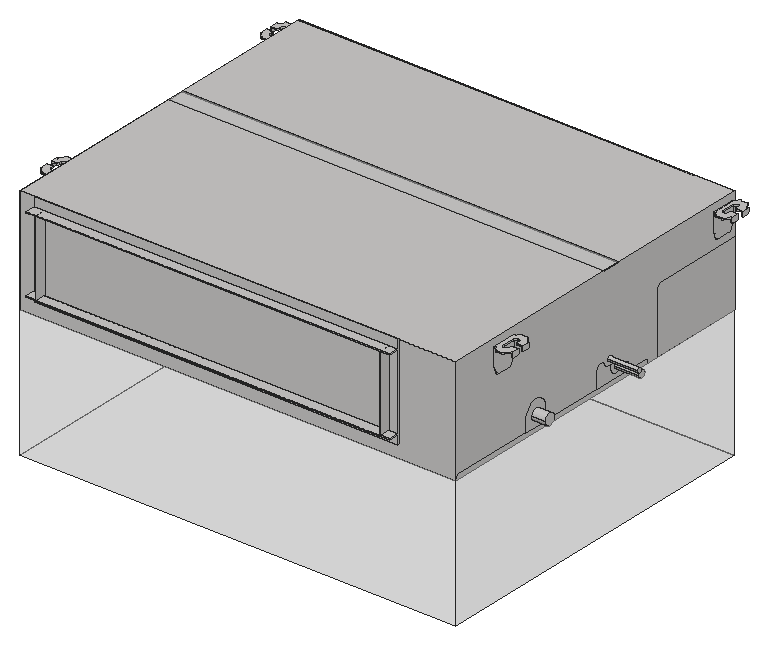
Revit family "outputfile", category 機械設備, Revit 2024
Family settings
  丸型コネクタ寸法 = 半径を使用
  パーツ タイプ = 標準
  OmniClass 番号 = 23.75.10.24.21.27.27
  OmniClass タイトル = Split System Air Conditioning Units
  作業面ベース = いいえ
  常に垂直 = はい
  ロード時にボイドで切り取り = いいえ
  注釈の向きを維持 = いいえ
  共有 = いいえ
  部屋計算ポイント = はい
Parameters (values of type "FDBF24DV2S")
  Description = ""
  書き出し IFC クラス(タイプ) = "IfcUnitaryEquipmentType"
  定義済み IFC タイプ(タイプ) = "AIRCONDITIONINGUNIT"
  Cost = 0
  Type Comments = ""
  Keynote = ""
  Type Image = (empty or 0)
  Assembly Code = ""
  switch_frequency = yes
  ra duct size width = 0 mm
  ra duct size height [instance] = if(Rear Connection_Return Air, 203 mm, 204 mm)  # 203 mm
  lw_duct size width = 904 mm
  connector_voltage = Voltage_50Hz  # 220 V
  connector_powerinput = [Power Input (Cooling)]  # 0.000 kW
  connector_phase = Phase_50Hz  # 1
  URL = ""
  RA_length [instance] = if(Rear Connection_Return Air, 126 mm, 125.5 mm)  # 126 mm
  angle_drainpipe [instance] = if(Right Connection_refrigerant, 90.00°, 270.00°)  # 90.00°
  angle_gaspipe [instance] = if(Right Connection_refrigerant, 90.00°, 270.00°)  # 90.00°
  angle_liquidpipe [instance] = if(Right Connection_refrigerant, 90.00°, 270.00°)  # 90.00°
  angle_Return Air [instance] = if(Rear Connection_Return Air, 90.00°, 0.00°)  # 90.00°
  Right Connection_refrigerant [instance] = yes
  Rear Connection_Return Air [instance] = not(Bottom Connection_Return Air)  # yes
  製造元 = "Daikin"
  モデル = "FDBF24DV2S"
  r_Liquid Pipe Size = Liquid Pipe Size / 2  # 4.75 mm
  r_Gas Pipe Size = Gas Pipe Size / 2  # 7.95 mm
  r_Drain Pipe Size = Drain Pipe Size / 2  # 12.5 mm
  lw_power = 60 mm  # constant formula
  lh_power = 30 mm  # constant formula
  ld_power = Depth / 2  # 400 mm
  Voltage_comment_50Hz = "220 - 240"
  Voltage_50Hz = 220 V
  Supply Air Direction [instance] = yes
  Sound Power Level_H speed (dB) = 0
  Phase_50Hz = 1
  Minimum External Static Pressure = 15.00 Pa
  Minimum Circuit Amps_50Hz = 0.0 A
  Maximum Fuse Amps_50Hz = 0.0 A
  Maximum External Static Pressure = 38.00 Pa
  Material_Casing = DAIKIN_GalvanizedSteel_Casing_indoorunit
  lw_mountinghole = 1038 mm
  lh_gaspipe = 22 mm  # constant formula
  lh_mountinghole = 230 mm  # constant formula
  lh_liquidpipe = 185 mm  # constant formula
  lh_drainpipe = 207 mm  # constant formula
  lh_antena = (Height - lh_mountinghole) + 1 mm  # 16 mm
  ld_drainpipe = 228 mm  # constant formula
  ld_liquidpipe = 438 mm  # constant formula
  ld_gaspipe = 22 mm  # constant formula
  ld_mountinghole = 0 mm
  h*** = 0 mm
  lw_liquidpipe = 571 mm
  lw_gaspipe = 558 mm
  lw_drainpipe = 533 mm
  Width = 1000 mm
  Version = "ver.1.0"
  Unit Type = "L.S.P. Duct for Bed Room"
  Unit Mass Weight = 36.00 kg
  Unit Designation [instance] = ""
  Uniclass2015Version = "Products v1.30"
  Uniclass2015Title = "Split coil room air conditioning units"
  Uniclass2015Code = "Pr_70_65_03_86"
  Total Cooling Capacity [instance] = 0.000 kW
  Sound Pressure Level_M speed (dBA) = 35
  Sound Pressure Level_L speed (dBA) = 33
  Sound Pressure Level_H speed (dBA) = 39
  Series = "SkyAir_Fan Coil Unit"
  Sensible Cooling Capacity [instance] = 0.000 kW
  SA Duct Size Width = 790 mm
  SA Duct Size Height = 174 mm
  Refrigerant Type = "R32"
  RA Duct Size Width = 863 mm
  RA Duct Size Height = 203 mm
  Power Input (Cooling) = 0.000 kW
  Option Accessory 3 [instance] = ""
  Option Accessory 2 [instance] = ""
  Option Accessory 1 [instance] = ""
  Nominal Cooling Capacity = 7.000 kW
  Minimum Airflow = 1050.00 m³/h
  Median Airflow = 1200.00 m³/h
  Maximum Airflow = 1350.00 m³/h
  Load Classification = HVAC
  Liquid Pipe Size = 9.5 mm
  Link_Nested Family [instance] = ""
  Left Connection_refrigerant [instance] = not(Right Connection_refrigerant)  # no
  IfcVersion = ""
  IfcExportType = "AIRCONDITIONINGUNIT"
  IfcExportAs = "IfcUnitaryEquipmentType"
  Height = 245 mm
  Heat Exchanger Type = "Cross Fin Coil"
  Gas Pipe Size = 15.9 mm
  Frequency_50Hz = 50 Hz
  Fan Type = "Sirocco Fan"
  Fan Drive = "Direct Drive"
  FCU Tag No. [instance] = ""
  Drain Pipe Size = 25.0 mm
  Design Supply Airflow [instance] = 0.00 m³/h
  Design Return Airflow [instance] = 0.00 m³/h
  Design External Static Pressure [instance] = 0.00 Pa
  Depth = 800 mm
  既定の高さ = 0 mm
  Cooling Entering Wet Bulb Temperature [instance] = 0.00 °C
  Cooling Entering Dry Bulb Temperature [instance] = 0.00 °C
  Cooling Ambient Wet Bulb Temperature [instance] = 0.00 °C
  Cooling Ambient Dry Bulb Temperature [instance] = 0.00 °C
  Clearance visibility [instance] = yes
  Clearance Top = 0 mm
  Clearance Right = 0 mm
  Clearance Rear = 0 mm
  Clearance Left = 0 mm
  Clearance Front = 0 mm
  Clearance Bottom = 300 mm
  Bottom Connection_Return Air [instance] = no
Reference planes
  plane 1 "Center (Front/Back)": y = 0
  plane 2 "h": z = 0
  plane 3 "Center (Left/Right)": x = 0
  plane 4 "Back": y = 400
  plane 5 "Front": y = -400
  plane 6 "Left": x = -500
  plane 7 "Right": x = 500
  plane 8 "Top": z = 0
  plane 9 "Bottom": z = -245
  plane 10: y = 400
  plane 11: y = -400
  plane 12: x = -500
  plane 13: x = 500
  plane 14: z = 0
  plane 15: z = -545
  plane 16: y = 364
  plane 17: y = -266
  plane 18: z = -15
  plane 19: x = -467
  plane 20: x = -558
  plane 21: x = 558
  plane 22: x = -571
  plane 23: x = 571
  plane 24: y = 38
  plane 25: y = 60
  plane 26: y = -172
  plane 27: z = -207
  plane 28: z = -207
  plane 29: z = -185
  plane 30: x = -533
  plane 31: x = 533
  plane 32: x = 404.5
  plane 33: x = -499.5
  plane 34: y = 151.5
  plane 35: z = -215
  plane 36: x = 440
  plane 37: x = -47.5
  plane 38: y = 274
  plane 39: z = -119.5
  plane 40: x = -519
  plane 41: x = 519
Forms (mm)
  Extrusion 1, solid, material "DAIKIN_GalvanizedSteel_Casing_indoorunit" <- "Material_Casing"
    sketch origin (0, 0, 0) x (1, 0, 0) y (0, 1, 0)
      loop
        line (-500, 400) -> (-500, -400) -> (500, -400) -> (500, 400) -> (-500, 400)
    from -245 to 0
  Extrusion 2, solid, material "DAIKIN_GalvanizedSteel_Casing_indoorunit" <- "Material_Casing", visible <- "Right Connection_refrigerant"
    sketch origin (500, 0, 0) x (0, 1, 0) y (0, 0, 1)
      loop
        circle (-172, -207) r 12.5
    from 0 to 33
  Extrusion 3, solid, material "DAIKIN_GalvanizedSteel_Casing_indoorunit" <- "Material_Casing", visible <- "Left Connection_refrigerant"
    sketch origin (-500, 0, 0) x (0, 1, 0) y (0, 0, 1)
      loop
        circle (-172, -207) r 12.5
    from 0 to -33
  Extrusion 4, solid, material "DAIKIN_GalvanizedSteel_Casing_indoorunit" <- "Material_Casing", visible <- "Right Connection_refrigerant"
    sketch origin (500, 0, 0) x (0, 1, 0) y (0, 0, 1)
      loop
        circle (38, -185) r 4.75
    from 0 to 71
  Extrusion 5, solid, material "DAIKIN_GalvanizedSteel_Casing_indoorunit" <- "Material_Casing", visible <- "Right Connection_refrigerant"
    sketch origin (500, 0, 0) x (0, 1, 0) y (0, 0, 1)
      loop
        circle (60, -207) r 7.95
    from 0 to 58
  Extrusion 6, solid, material "DAIKIN_GalvanizedSteel_Casing_indoorunit" <- "Material_Casing", visible <- "Left Connection_refrigerant"
    sketch origin (-500, 0, 0) x (0, 1, 0) y (0, 0, 1)
      loop
        circle (60, -207) r 7.95
    from 0 to -58
  Extrusion 7, solid, material "DAIKIN_GalvanizedSteel_Casing_indoorunit" <- "Material_Casing", visible <- "Left Connection_refrigerant"
    sketch origin (-500, 0, 0) x (0, 1, 0) y (0, 0, 1)
      loop
        circle (38, -185) r 4.75
    from 0 to -71
  Extrusion 8, solid, material "DAIKIN_GalvanizedSteel_Casing_indoorunit" <- "Material_Casing", visible <- "Right Connection_refrigerant"
    sketch origin (500, 0, 0) x (0, 1, 0) y (0, 0, 1)
      loop
        line (22.284, -188) -> (7.5, -188)
        arc (7.5, -188) -> (5.379, -188.879) -> (4.5, -191) r 3
        line (4.5, -191) -> (4.5, -232)
        arc (4.5, -232) -> (5.379, -234.121) -> (7.5, -235) r 3
        line (7.5, -235) -> (91, -235)
        arc (91, -235) -> (93.121, -234.121) -> (94, -232) r 3
        line (94, -232) -> (94, -220)
        arc (94, -220) -> (93.121, -217.879) -> (91, -217) r 3
        line (91, -217) -> (75.564, -217)
        arc (75.564, -217) -> (51.595, -223.481) -> (42.766, -200.274) r 18.5
        arc (42.766, -200.274) -> (29.776, -198.725) -> (22.284, -188) r 16
    from 0 to -1
  Extrusion 9, solid, material "DAIKIN_GalvanizedSteel_Casing_indoorunit" <- "Material_Casing", visible <- "Left Connection_refrigerant"
    sketch origin (-500, 0, 0) x (0, 1, 0) y (0, 0, 1)
      loop
        line (22.284, -188) -> (7.5, -188)
        arc (7.5, -188) -> (5.379, -188.879) -> (4.5, -191) r 3
        line (4.5, -191) -> (4.5, -232)
        arc (4.5, -232) -> (5.379, -234.121) -> (7.5, -235) r 3
        line (7.5, -235) -> (91, -235)
        arc (91, -235) -> (93.121, -234.121) -> (94, -232) r 3
        line (94, -232) -> (94, -220)
        arc (94, -220) -> (93.121, -217.879) -> (91, -217) r 3
        line (91, -217) -> (75.564, -217)
        arc (75.564, -217) -> (51.595, -223.481) -> (42.766, -200.274) r 18.5
        arc (42.766, -200.274) -> (29.776, -198.725) -> (22.284, -188) r 16
    from 0 to 1
  Extrusion 10, solid, material "DAIKIN_GalvanizedSteel_Casing_indoorunit" <- "Material_Casing", visible <- "Right Connection_refrigerant"
    sketch origin (500, 0, 0) x (0, 1, 0) y (0, 0, 1)
      loop
        line (-199.5, -235) -> (-144.5, -235) -> (-144.5, -204.7)
        arc (-144.5, -204.7) -> (-152.555, -185.255) -> (-172, -177.2) r 27.5
        arc (-172, -177.2) -> (-191.445, -185.255) -> (-199.5, -204.7) r 27.5
        line (-199.5, -204.7) -> (-199.5, -235)
    from 0 to -1
  Extrusion 11, solid, material "DAIKIN_GalvanizedSteel_Casing_indoorunit" <- "Material_Casing", visible <- "Left Connection_refrigerant"
    sketch origin (-500, 0, 0) x (0, 1, 0) y (0, 0, 1)
      loop
        line (-199.5, -235) -> (-144.5, -235) -> (-144.5, -204.7)
        arc (-144.5, -204.7) -> (-152.555, -185.255) -> (-172, -177.2) r 27.5
        arc (-172, -177.2) -> (-191.445, -185.255) -> (-199.5, -204.7) r 27.5
        line (-199.5, -204.7) -> (-199.5, -235)
    from 0 to 1
  Extrusion 12, solid, material "DAIKIN_GalvanizedSteel_Casing_indoorunit" <- "Material_Casing", visible <- "Right Connection_refrigerant"
    sketch origin (500, 0, 0) x (0, 1, 0) y (0, 0, 1)
      loop
        line (400, -245) -> (400, -95.5) -> (182, -95.5)
        arc (182, -95.5) -> (179.879, -96.379) -> (179, -98.5) r 3
        line (179, -98.5) -> (179, -245) -> (400, -245)
    from 0 to -1
  Extrusion 13, solid, material "DAIKIN_GalvanizedSteel_Casing_indoorunit" <- "Material_Casing", visible <- "Bottom Connection_Return Air"
    sketch origin (0, 400, 0) x (-1, 0, 0) y (0, 0, 1)
      loop
        line (-404.5, 0) -> (-404.5, -245) -> (499.5, -245) -> (499.5, 0) -> (-404.5, 0)
    from 0 to -1
  Extrusion 14, solid, material "DAIKIN_GalvanizedSteel_Casing_indoorunit" <- "Material_Casing", visible <- "Rear Connection_Return Air"
    sketch origin (0, 0, -245) x (-1, 0, 0) y (0, -1, 0)
      loop
        line (499.5, -400) -> (499.5, -151.5) -> (-404.5, -151.5) -> (-404.5, -400) -> (499.5, -400)
    from 0 to 1
  Extrusion 15, solid, material "DAIKIN_GalvanizedSteel_Casing_indoorunit" <- "Material_Casing", visible <- "Right Connection_refrigerant"
    sketch origin (500, 0, 0) x (0, 1, 0) y (0, 0, 1)
      loop
        arc (-397, -235) -> (-399.121, -235.879) -> (-400, -238) r 3
        line (-400, -238) -> (-400, -245) -> (147.5, -245) -> (147.5, -238)
        arc (147.5, -238) -> (146.621, -235.879) -> (144.5, -235) r 3
        line (144.5, -235) -> (-397, -235)
    from 0 to -1
  Extrusion 16, solid, material "DAIKIN_GalvanizedSteel_Casing_indoorunit" <- "Material_Casing", visible <- "Left Connection_refrigerant"
    sketch origin (-500, 0, 0) x (0, 1, 0) y (0, 0, 1)
      loop
        arc (-397, -235) -> (-399.121, -235.879) -> (-400, -238) r 3
        line (-400, -238) -> (-400, -245) -> (147.5, -245) -> (147.5, -238)
        arc (147.5, -238) -> (146.621, -235.879) -> (144.5, -235) r 3
        line (144.5, -235) -> (-397, -235)
    from 0 to 1
  Extrusion 17, solid, material "DAIKIN_GalvanizedSteel_Casing_indoorunit" <- "Material_Casing", visible <- "Left Connection_refrigerant"
    sketch origin (-500, 0, 0) x (0, 1, 0) y (0, 0, 1)
      loop
        line (400, -245) -> (400, -95.5) -> (182, -95.5)
        arc (182, -95.5) -> (179.879, -96.379) -> (179, -98.5) r 3
        line (179, -98.5) -> (179, -245) -> (400, -245)
    from 0 to 1
  Extrusion 18, void
    sketch origin (0, 0, 0) x (-1, 0, 0) y (0, -1, 0)
      loop
        line (500, -66.5) -> (500, -25) -> (-500, -25) -> (-500, -66.5) -> (500, -66.5)
    from 0 to -1
Cuts and joins
  Extrusion 18 cuts Extrusion 1
Dimensions and locks
  "Height": plane 8 "Top" to plane 9 "Bottom"
  equal spacing: plane 4 "Back", plane 1 "Center (Front/Back)", plane 5 "Front"
  "Depth": plane 4 "Back" to plane 5 "Front"
  equal spacing: plane 6 "Left", plane 3 "Center (Left/Right)", plane 7 "Right"
  "Width": plane 6 "Left" to plane 7 "Right"
  "Clearance Left": plane 12 to plane 6 "Left"
  "Clearance Right": plane 7 "Right" to plane 13
  "Clearance Rear": plane 10 to plane 4 "Back"
  "Clearance Front": plane 5 "Front" to plane 11
  "Clearance Top": plane 14 to plane 8 "Top"
  "Clearance Bottom": plane 9 "Bottom" to plane 15
  locked: plane 4 "Back" to plane 16 at 36
  locked: plane 17 to plane 5 "Front" at 134
  locked: plane 6 "Left" to plane 19 at 33
  "ld_liquidpipe": plane 24 to plane 5 "Front"
  "ld_drainpipe": plane 26 to plane 5 "Front"
  "ld_gaspipe": plane 25 to plane 24
  "lh_drainpipe": plane 8 "Top" to plane 28
  "lh_liquidpipe": plane 8 "Top" to plane 29
  "lh_gaspipe": plane 29 to plane 27
  locked: plane 7 "Right" to plane 32 at 95.5
  locked: plane 33 to plane 6 "Left" at 0.5
  locked: plane 4 "Back" to plane 34 at 248.5
  "lw_drainpipe": plane 3 "Center (Left/Right)" to plane 31
  "lw_drainpipe": plane 30 to plane 3 "Center (Left/Right)"
  "lw_gaspipe": plane 3 "Center (Left/Right)" to plane 21
  "lw_gaspipe": plane 20 to plane 3 "Center (Left/Right)"
  "lw_liquidpipe": plane 3 "Center (Left/Right)" to plane 23
  "lw_liquidpipe": plane 22 to plane 3 "Center (Left/Right)"
  "lw_power": plane 7 "Right" to plane 36
  "lh_power": plane 9 "Bottom" to plane 35
  equal spacing: plane 33, plane 37, plane 32
  locked: plane 4 "Back" to plane 38 at 126
  locked: plane 9 "Bottom" to plane 39 at 125.5
  equal spacing: plane 40, plane 3 "Center (Left/Right)", plane 41
  "lw_mountinghole": plane 40 to plane 41
  "lh_mountinghole": plane 18 to plane 9 "Bottom"
  locked: Extrusion 18 sketch curve to Extrusion 18 sketch curve at 41.5
  locked: plane 1 "Center (Front/Back)" to Extrusion 18 sketch curve at 25
  "r_Drain Pipe Size": radius of Extrusion 2 sketch curve
  "r_Drain Pipe Size": radius of Extrusion 3 sketch curve
  "r_Liquid Pipe Size": radius of Extrusion 4 sketch curve
  "r_Gas Pipe Size": radius of Extrusion 5 sketch curve
  "r_Gas Pipe Size": radius of Extrusion 6 sketch curve
  "r_Liquid Pipe Size": radius of Extrusion 7 sketch curve
  aligned and locked: level to plane 2 "h"
  aligned and locked: plane 8 "Top" to Extrusion 1
  aligned and locked: Extrusion 1 to plane 9 "Bottom"
  aligned and locked: nested 2 to plane 11
  aligned and locked: plane 12 to nested 2
  aligned and locked: plane 13 to nested 2
  aligned and locked: nested 2 to plane 12
  aligned and locked: plane 10 to nested 2
  aligned and locked: plane 14 to nested 2
  aligned and locked: plane 15 to nested 2
  aligned and locked: plane 5 "Front" to Extrusion 1 sketch curve
  aligned and locked: level to plane 8 "Top"
  aligned and locked: nested 3 to plane 6 "Left"
  aligned and locked: nested 6 to plane 6 "Left"
  aligned and locked: plane 7 "Right" to nested 5
  aligned and locked: plane 7 "Right" to nested 4
  aligned and locked: nested 3 to plane 16
  aligned and locked: plane 16 to nested 4
  aligned and locked: plane 17 to nested 6
  aligned and locked: nested 5 to plane 17
  aligned and locked: plane 18 to nested 3
  aligned and locked: plane 18 to nested 6
  aligned and locked: plane 18 to nested 4
  aligned and locked: plane 18 to nested 5
  aligned and locked: nested 7 to plane 5 "Front"
  aligned and locked: nested 7 to plane 19
  aligned and locked: plane 28 to Extrusion 2 sketch curve
  aligned and locked: plane 26 to Extrusion 2 sketch curve
  aligned and locked: plane 31 to Extrusion 2
  aligned and locked: plane 28 to Extrusion 3 sketch curve
  aligned and locked: plane 26 to Extrusion 3 sketch curve
  aligned and locked: Extrusion 3 to plane 30
  aligned and locked: plane 29 to Extrusion 4 sketch curve
  aligned and locked: plane 24 to Extrusion 4 sketch curve
  aligned and locked: plane 23 to Extrusion 4
  aligned and locked: plane 28 to Extrusion 5 sketch curve
  aligned and locked: plane 25 to Extrusion 5 sketch curve
  aligned and locked: plane 21 to Extrusion 5
  aligned and locked: plane 28 to Extrusion 6 sketch curve
  aligned and locked: plane 25 to Extrusion 6 sketch curve
  aligned and locked: Extrusion 6 to plane 20
  aligned and locked: plane 29 to Extrusion 7 sketch curve
  aligned and locked: plane 24 to Extrusion 7 sketch curve
  aligned and locked: Extrusion 7 to plane 22
  aligned and locked: Extrusion 13 to plane 33
  aligned and locked: plane 32 to Extrusion 13
  aligned and locked: plane 8 "Top" to Extrusion 13
  aligned and locked: Extrusion 13 to plane 9 "Bottom"
  aligned and locked: Extrusion 14 to plane 33
  aligned and locked: plane 32 to Extrusion 14
  aligned and locked: Extrusion 14 to plane 34
  aligned and locked: plane 4 "Back" to Extrusion 14
  aligned and locked: nested 8 to plane 4 "Back"
  aligned and locked: nested 8 to plane 33
  aligned and locked: plane 8 "Top" to nested 8
  aligned and locked: nested 9 to plane 34
  aligned and locked: plane 4 "Back" to nested 9
  aligned and locked: plane 32 to nested 9
  aligned and locked: nested 9 to plane 9 "Bottom"
  aligned and locked: nested 10 to plane 26
  aligned and locked: plane 3 "Center (Left/Right)" to nested 10
  aligned and locked: nested 10 to plane 28
  aligned and locked: nested 11 to plane 24
  aligned and locked: plane 3 "Center (Left/Right)" to nested 11
  aligned and locked: nested 11 to plane 29
  aligned and locked: nested 12 to plane 25
  aligned and locked: plane 3 "Center (Left/Right)" to nested 12
  aligned and locked: nested 12 to plane 28
  aligned and locked: nested 13 to plane 35
  aligned and locked: nested 13 to plane 36
  aligned and locked: nested 13 to plane 1 "Center (Front/Back)"
  aligned and locked: plane 37 to nested 14
  aligned and locked: nested 14 to plane 38
  aligned and locked: plane 38 to nested 14  (x2)
  aligned and locked: plane 40 to nested 15
  aligned and locked: plane 17 to nested 15
  aligned and locked: plane 40 to nested 16
  aligned and locked: nested 16 to plane 16
  aligned and locked: plane 41 to nested 18
  aligned and locked: plane 17 to nested 18
  aligned and locked: plane 41 to nested 17
  aligned and locked: nested 17 to plane 16
  aligned and locked: plane 1 "Center (Front/Back)" to nested 1
  aligned and locked: plane 3 "Center (Left/Right)" to nested 1
  aligned and locked: plane 6 "Left" to Extrusion 18 sketch curve
  aligned and locked: Extrusion 18 sketch curve to plane 7 "Right"
  aligned and locked: plane 8 "Top" to nested 7
Automatic sketch dimensions
  Extrusion 1 sketch curve to plane 6 "Left" = 0 mm
  Extrusion 1 sketch curve to plane 7 "Right" = 0 mm
  Extrusion 1 sketch curve to plane 4 "Back" = 0 mm
  Extrusion 8 sketch curve to plane 24 = 0 mm
  Extrusion 8 sketch curve to plane 25 = 0 mm
  Extrusion 8 sketch curve to plane 27 = 0 mm
  Extrusion 8 sketch curve to plane 29 = 0 mm
  Extrusion 8 sketch curve to plane 29 = 3 mm
  Extrusion 8 sketch curve to plane 24 = 15.716 mm
  Extrusion 8 sketch curve to plane 1 "Center (Front/Back)" = 7.5 mm  (x2)
  Extrusion 8 sketch curve to Extrusion 8 sketch curve = 3 mm
  Extrusion 8 sketch curve to plane 35 = 2 mm
  plane 25 to Extrusion 8 sketch curve = 15.564 mm
  plane 9 "Bottom" to Extrusion 8 sketch curve = 10 mm
  Extrusion 8 sketch curve to Extrusion 8 sketch curve = 15.436 mm
  Extrusion 8 sketch curve to plane 35 = 5 mm
  Extrusion 8 sketch curve to Extrusion 8 sketch curve = 0 mm
  Extrusion 9 sketch curve to plane 24 = 0 mm
  Extrusion 9 sketch curve to plane 25 = 0 mm
  Extrusion 9 sketch curve to plane 27 = 0 mm
  Extrusion 9 sketch curve to plane 29 = 0 mm
  Extrusion 9 sketch curve to plane 29 = 3 mm
  Extrusion 9 sketch curve to plane 24 = 15.716 mm
  Extrusion 9 sketch curve to plane 1 "Center (Front/Back)" = 7.5 mm  (x2)
  Extrusion 9 sketch curve to Extrusion 9 sketch curve = 3 mm
  Extrusion 9 sketch curve to plane 35 = 2 mm
  plane 25 to Extrusion 9 sketch curve = 15.564 mm
  plane 9 "Bottom" to Extrusion 9 sketch curve = 10 mm
  Extrusion 9 sketch curve to Extrusion 9 sketch curve = 15.436 mm
  Extrusion 9 sketch curve to plane 35 = 5 mm
  Extrusion 9 sketch curve to Extrusion 9 sketch curve = 0 mm
  Extrusion 10 sketch curve to Extrusion 10 sketch curve = 0 mm  (x2)
  Extrusion 10 sketch curve to plane 26 = 0 mm
  plane 9 "Bottom" to Extrusion 10 sketch curve = 10 mm
  Extrusion 10 sketch curve to plane 26 = 27.5 mm
  plane 27 to Extrusion 10 sketch curve = 2.3 mm
  Extrusion 11 sketch curve to Extrusion 11 sketch curve = 0 mm  (x2)
  Extrusion 11 sketch curve to plane 26 = 0 mm
  plane 9 "Bottom" to Extrusion 11 sketch curve = 10 mm
  Extrusion 11 sketch curve to plane 26 = 27.5 mm
  plane 27 to Extrusion 11 sketch curve = 2.3 mm
  Extrusion 12 sketch curve to plane 9 "Bottom" = 0 mm
  Extrusion 12 sketch curve to plane 4 "Back" = 0 mm
  plane 34 to Extrusion 12 sketch curve = 30.5 mm
  Extrusion 12 sketch curve to Extrusion 12 sketch curve = 3 mm
  plane 39 to Extrusion 12 sketch curve = 21 mm
  Extrusion 13 sketch curve to plane 9 "Bottom" = 0 mm
  Extrusion 13 sketch curve to plane 32 = 0 mm
  Extrusion 13 sketch curve to plane 33 = 0 mm
  Extrusion 13 sketch curve to level = 0 mm
  Extrusion 14 sketch curve to plane 4 "Back" = 0 mm
  Extrusion 14 sketch curve to plane 32 = 0 mm
  Extrusion 14 sketch curve to plane 33 = 0 mm
  Extrusion 14 sketch curve to plane 34 = 0 mm
  Extrusion 15 sketch curve to plane 5 "Front" = 0 mm
  Extrusion 15 sketch curve to plane 9 "Bottom" = 0 mm
  Extrusion 15 sketch curve to Extrusion 15 sketch curve = 3 mm
  Extrusion 15 sketch curve to plane 34 = 7 mm
  Extrusion 15 sketch curve to plane 34 = 4 mm
  Extrusion 15 sketch curve to Extrusion 15 sketch curve = 7 mm
  Extrusion 16 sketch curve to plane 5 "Front" = 0 mm
  Extrusion 16 sketch curve to plane 9 "Bottom" = 0 mm
  Extrusion 16 sketch curve to Extrusion 16 sketch curve = 3 mm
  Extrusion 16 sketch curve to plane 34 = 7 mm
  Extrusion 16 sketch curve to plane 34 = 4 mm
  plane 9 "Bottom" to Extrusion 16 sketch curve = 7 mm
  Extrusion 17 sketch curve to plane 9 "Bottom" = 0 mm
  Extrusion 17 sketch curve to plane 4 "Back" = 0 mm
  plane 34 to Extrusion 17 sketch curve = 30.5 mm
  Extrusion 17 sketch curve to Extrusion 17 sketch curve = 3 mm
  plane 39 to Extrusion 17 sketch curve = 21 mm
Nested families
  nested 1: "daikin_△_symbolicline" at (0, 0, 245), built-in parameter 1001364 <- "Height", visible <- "Supply Air Direction", type "daikin_△_symbolicline"
    with length 200 mm
  nested 2: "daikin_clearancespace" at (0, 0, -272.381), visible <- "Clearance visibility", show <- "Clearance visibility", Link_Nested Family <- "Link_Nested Family", type "daikin_clearancespace"
    with width 1000 mm, show yes, height 545 mm, depth 800 mm, Link_Nested Family ""
  nested 3: "daikin_hangerfixture_FDBF-DV2S" at (-500, 364, -15) x (0, -1, 0) z (0, 0, 1), type "daikin_hangerfixture_FDBF-DV2S"
  nested 4: "daikin_hangerfixture_FDBF-DV2S" at (500, 364, -15) x (0, 1, 0) z (0, 0, 1), type "daikin_hangerfixture_FDBF-DV2S"
  nested 5: "daikin_hangerfixture_FDBF-DV2S" at (500, -266, -15) x (0, 1, 0) z (0, 0, 1), type "daikin_hangerfixture_FDBF-DV2S"
  nested 6: "daikin_hangerfixture_FDBF-DV2S" at (-500, -266, -15) x (0, -1, 0) z (0, 0, 1), type "daikin_hangerfixture_FDBF-DV2S"
  nested 7: "daikin_ductflange_FDBF-DV2S_2" at (-49.5, -400, -108), type "daikin_ductflange_FDBF-DV2S_2"
    with width 835 mm, w 1000 mm
  nested 8: "daikin_ductflange_FDBF-DV2S" at (-47.5, 400, -122.5), width <- "lw_duct size width", visible <- "Rear Connection_Return Air", material <- "Material_Casing", type "daikin_ductflange_FDBF-DV2S"
    with width 904 mm, material DAIKIN_GalvanizedSteel_Casing_indoorunit, height 245 mm, depth 1 mm
  nested 9: "daikin_ductflange_FDBF-DV2S_1" at (-47.5, 275.75, -244) x (1, 0, 0) z (0, -1, 0), width <- "lw_duct size width", visible <- "Bottom Connection_Return Air", material <- "Material_Casing", type "daikin_ductflange_FDBF-DV2S_1"
    with width 904 mm, material DAIKIN_GalvanizedSteel_Casing_indoorunit, height 248.5 mm, depth 1 mm
  nested 10: "daikin_connector_rotate3" at (0, -172, -207), length <- "lw_drainpipe", radius <- "r_Drain Pipe Size", angle_vertical <- "angle_drainpipe", type "daikin_connector_rotate3"
    with show no, radius 12.5 mm, length 533 mm, angle_vertical 90.00°, angle_horizontal 90.00°
  nested 11: "daikin_connector_rotate3" at (0, 38, -185), length <- "lw_liquidpipe", radius <- "r_Liquid Pipe Size", angle_vertical <- "angle_liquidpipe", type "daikin_connector_rotate3"
    with show no, radius 4.75 mm, length 571 mm, angle_vertical 90.00°, angle_horizontal 90.00°
  nested 12: "daikin_connector_rotate3" at (0, 60, -207), length <- "lw_gaspipe", radius <- "r_Gas Pipe Size", angle_vertical <- "angle_gaspipe", type "daikin_connector_rotate3"
    with show no, radius 7.95 mm, length 558 mm, angle_vertical 90.00°, angle_horizontal 90.00°
  nested 13: "daikin_connector_rotate2" at (440, 0, -215) x (-1, 0, 0) z (0, 0, 1), length <- "ld_power", type "daikin_connector_rotate2"
    with radius 10 mm, length 400 mm, angle_vertical 90.00°
  nested 14: "daikin_connector_rotate3" at (-47.5, 274, -119.5), angle_vertical <- "angle_Return Air", length <- "RA_length", type "daikin_connector_rotate3"
    with show no, radius 10 mm, length 126 mm, angle_vertical 90.00°, angle_horizontal 180.00°
  nested 15: "daikin_mountinghole" at (-519, -266, -245), h_mountinghole <- "lh_mountinghole", l_antenna <- "lh_antena", Link_Nested Family <- "Link_Nested Family", type "daikin_mountinghole"
    with show yes, l_antenna 16 mm, h_mountinghole 230 mm, Link_Nested Family ""
  nested 16: "daikin_mountinghole" at (-519, 364, -245), h_mountinghole <- "lh_mountinghole", l_antenna <- "lh_antena", Link_Nested Family <- "Link_Nested Family", type "daikin_mountinghole"
    with show yes, l_antenna 16 mm, h_mountinghole 230 mm, Link_Nested Family ""
  nested 17: "daikin_mountinghole" at (519, 364, -245), h_mountinghole <- "lh_mountinghole", l_antenna <- "lh_antena", type "daikin_mountinghole"
    with show yes, l_antenna 16 mm, h_mountinghole 230 mm, Link_Nested Family ""
  nested 18: "daikin_mountinghole" at (519, -266, -245), h_mountinghole <- "lh_mountinghole", l_antenna <- "lh_antena", type "daikin_mountinghole"
    with show yes, l_antenna 16 mm, h_mountinghole 230 mm, Link_Nested Family ""
Connectors
  hvac at (-49.5, -425, -108), driven by "SA Duct Size Height", driven by "SA Duct Size Width"
    settings: on nested 7, index 1, duct flow 0.00 m³/h, flow factor 0, pres drop 0.00 Pa, loss coef 0, conn angle 0.00°, conn width 790.0 mm, conn height 174.0 mm, conn diameter 609.6 mm, duct sys type 1, conn prof type 1, flow config 0, flow direction 2, loss method 4, conn ref index -1, conn util no, is conn primary yes, conn desc "SA Duct"
  piping at (558, 60, -207), diameter 15.9, driven by "r_Gas Pipe Size"
    settings: on nested 12, index 4, connector inside diameter 609.6 mm, connector length 0 mm, flow factor 0, pipe flow 0.00 m³/h, pressure drop 0.0 Pa, fitting loss kfactor 0, connector angle 0.00°, fixture units 0, engagement length 0 mm, angle of deflection 0.00°, flow configuration 1, flow direction 2, fitting loss method 0, system type 29, joint type 0, gender type 0, connector reference index -1, connector utility 0, adjustable connector no, is connector primary yes, connector description "Refrigerant Gas Piping"
  piping at (571, 38, -185), diameter 9.5, driven by "r_Liquid Pipe Size"
    settings: on nested 11, index 5, connector inside diameter 609.6 mm, connector length 0 mm, flow factor 0, pipe flow 0.00 m³/h, pressure drop 0.0 Pa, fitting loss kfactor 0, connector angle 0.00°, fixture units 0, engagement length 0 mm, angle of deflection 0.00°, flow configuration 1, flow direction 1, fitting loss method 0, system type 29, joint type 0, gender type 0, connector reference index -1, connector utility 0, adjustable connector no, is connector primary no, connector description "Refrigerant Liquid Piping"
  piping at (533, -172, -207), diameter 25, driven by "r_Drain Pipe Size"
    settings: on nested 10, index 6, connector inside diameter 609.6 mm, connector length 0 mm, flow factor 0, pipe flow 0.00 m³/h, pressure drop 0.0 Pa, fitting loss kfactor 0, connector angle 0.00°, fixture units 0, engagement length 0 mm, angle of deflection 0.00°, flow configuration 1, flow direction 2, fitting loss method 4, system type 16, joint type 0, gender type 0, connector reference index -1, connector utility 0, adjustable connector no, is connector primary no, connector description "Condensate Drain Piping"
  hvac at (-47.5, 400, -119.5), driven by "ra duct size height", driven by "RA Duct Size Width"
    settings: on nested 14, index 7, duct flow 0.00 m³/h, flow factor 0, pres drop 0.00 Pa, loss coef 0, conn angle 0.00°, conn width 863.0 mm, conn height 203.0 mm, conn diameter 609.6 mm, duct sys type 2, conn prof type 1, flow config 0, flow direction 1, loss method 4, conn ref index -1, conn util no, is conn primary no, conn desc "RA Duct"
  electrical at (440, 400, -215), driven by "Load Classification", driven by "connector_powerinput", driven by "connector_voltage", driven by "connector_phase"
    settings: on nested 13, index 8, voltage 220 V, apparent load 0 VA, apparent load phase1 0 VA, apparent load phase2 0 VA, apparent load phase3 0 VA, power factor 1, load classification "HVAC", number of poles 1, system type 30, power factor state 1, is connector primary yes, connector utility no, sub classification motor no, connector description "Power Supply"
Definition of nested family "daikin_clearancespace"
  Parameters (values of type "daikin_clearancespace")
    Description = "daikin_clearancespace"
    width [instance] = 1823.963 mm
    show [instance] = yes
    material = none
    height [instance] = 1359.762 mm
    depth [instance] = 880 mm
    Default Elevation = 0 mm
    Link_Nested Family [instance] = ""
  Reference planes
    plane 1 "Center (Front/Back)": y = 0
    plane 2 "Center (Elevation)": z = -0.119
    plane 3 "Center (Left/Right)": x = 0
    plane 4: y = 440
    plane 5: y = -440
    plane 6 "Right": x = 911.982
    plane 7 "Left": x = -911.982
    plane 8 "Top": z = 679.762
    plane 9 "Bottom": z = -680
  Forms (mm)
    Extrusion 1, solid, material <- "material", visible <- "show"
      sketch origin (0, 0, 0) x (1, 0, 0) y (0, 1, 0)
        loop
          line (-911.982, 440) -> (-911.982, -440) -> (911.982, -440) -> (911.982, 440) -> (-911.982, 440)
      from -680 to 679.762
  Lines and regions (mm)
    symbolic lines, visible <- "show"
      curve 1: line (911.982, 440, 0) -> (-911.982, 440, 0)
      curve 2: line (-911.982, 440, 0) -> (-911.982, -440, 0)
      curve 3: line (-911.982, -440, 0) -> (911.982, -440, 0)
      curve 4: line (911.982, -440, 0) -> (911.982, 440, 0)
      curve 5: line (911.982, 0, 679.762) -> (-911.982, 0, 679.762)
      curve 6: line (911.982, 0, -680) -> (911.982, 0, 679.762)
      curve 7: line (-911.982, 0, -680) -> (911.982, 0, -680)
      curve 8: line (-911.982, 0, 679.762) -> (-911.982, 0, -680)
      curve 9: line (0, 440, 679.762) -> (0, -440, 679.762)
      curve 10: line (0, -440, 679.762) -> (0, -440, -680)
      curve 11: line (0, 440, -680) -> (0, 440, 679.762)
      curve 12: line (0, -440, -680) -> (0, 440, -680)
  Dimensions and locks
    "width": plane 7 "Left" to plane 6 "Right"
    "depth": plane 4 to plane 5
    "height": plane 8 "Top" to plane 9 "Bottom"
    equal spacing: plane 7 "Left", plane 3 "Center (Left/Right)", plane 6 "Right"
    equal spacing: plane 4, plane 1 "Center (Front/Back)", plane 5
    equal spacing: plane 8 "Top", plane 2 "Center (Elevation)", plane 9 "Bottom"
    aligned and locked: level to plane 2 "Center (Elevation)"
    aligned and locked: Extrusion 1 sketch curve to plane 4
    aligned and locked: plane 7 "Left" to Extrusion 1 sketch curve
    aligned and locked: Extrusion 1 sketch curve to plane 5
    aligned and locked: Extrusion 1 sketch curve to plane 6 "Right"
    aligned and locked: plane 8 "Top" to Extrusion 1
    aligned and locked: curve 1 to Extrusion 1
    aligned and locked: curve 2 to Extrusion 1
    aligned and locked: curve 3 to Extrusion 1
    aligned and locked: curve 4 to Extrusion 1
    aligned and locked: curve 5 to Extrusion 1
    aligned and locked: curve 6 to Extrusion 1
    aligned and locked: curve 7 to Extrusion 1
    aligned and locked: curve 8 to Extrusion 1
    aligned and locked: curve 9 to Extrusion 1
    aligned and locked: curve 10 to Extrusion 1
    aligned and locked: curve 11 to Extrusion 1
    aligned and locked: curve 12 to Extrusion 1
    aligned and locked: Extrusion 1 to plane 9 "Bottom"
Definition of nested family "daikin_hangerfixture_FDBF-DV2S"
  Parameters (values of type "daikin_hangerfixture_FDBF-DV2S")
    width = 72 mm
    material = none
    height = 60 mm
    depth = 41 mm
    Default Elevation = 0 mm
  Reference planes
    plane 1 "Center (Front/Back)": y = 0
    plane 2: z = 0
    plane 3 "Center (Left/Right)": x = 0
    plane 4: y = 417.146
    plane 5: y = -41
    plane 6: x = -36
    plane 7: x = 36
    plane 8: z = -2.3
    plane 9: z = -60
    plane 10: y = -2.3
    plane 11: z = -12
    plane 12: y = -38.7
  Forms (mm)
    Extrusion 1, solid, material <- "material"
      sketch origin (0, 0, 0) x (1, 0, 0) y (0, 1, 0)
        loop
          line (-28, 0) -> (-28, -5)
          arc (-28, -5) -> (-29.127, -8.162) -> (-32, -9.899) r 5
          arc (-32, -9.899) -> (-34.873, -11.636) -> (-36, -14.798) r 5
          line (-36, -14.798) -> (-36, -27.178)
          arc (-36, -27.178) -> (-35.429, -29.499) -> (-33.846, -31.289) r 5
          line (-33.846, -31.289) -> (-23, -38.798) -> (-23, -41.098) -> (-6.5, -41.098) -> (-6.5, -28.498)
          arc (-6.5, -28.498) -> (-7.379, -26.377) -> (-9.5, -25.498) r 3
          line (-9.5, -25.498) -> (-13.5, -25.498)
          arc (-13.5, -25.498) -> (-20, -18.998) -> (-13.5, -12.498) r 6.5
          line (-13.5, -12.498) -> (13.5, -12.498)
          arc (13.5, -12.498) -> (20, -18.998) -> (13.5, -25.498) r 6.5
          line (13.5, -25.498) -> (9.5, -25.498)
          arc (9.5, -25.498) -> (7.379, -26.377) -> (6.5, -28.498) r 3
          line (6.5, -28.498) -> (6.5, -41.098) -> (23, -41.098) -> (23, -38.798) -> (33.846, -31.289)
          arc (33.846, -31.289) -> (35.429, -29.499) -> (36, -27.178) r 5
          line (36, -27.178) -> (36, -14.596)
          arc (36, -14.596) -> (34.873, -11.434) -> (32, -9.697) r 5
          arc (32, -9.697) -> (29.127, -7.96) -> (28, -4.798) r 5
          line (28, -4.798) -> (28, 0) -> (-28, 0)
      from 0 to -2.3
    Extrusion 2, solid, material <- "material"
      sketch origin (0, 0, 0) x (1, 0, 0) y (0, 0, 1)
        loop
          line (28, -39.037) -> (28, 0) -> (-28, 0) -> (-28, -39.037)
          arc (-28, -39.037) -> (-27.91, -39.983) -> (-27.642, -40.894) r 5
          line (-27.642, -40.894) -> (-21.257, -56.857)
          arc (-21.257, -56.857) -> (-19.418, -59.14) -> (-16.615, -60) r 5
          line (-16.615, -60) -> (16.615, -60)
          arc (16.615, -60) -> (19.418, -59.14) -> (21.257, -56.857) r 5
          line (21.257, -56.857) -> (27.642, -40.894)
          arc (27.642, -40.894) -> (27.91, -39.983) -> (28, -39.037) r 5
      from 0 to 2.3
    Extrusion 3, solid, material <- "material"
      sketch origin (0, 0, 0) x (1, 0, 0) y (0, 0, 1)
        loop
          line (-23, 0) -> (-23, -9)
          arc (-23, -9) -> (-22.121, -11.121) -> (-20, -12) r 3
          line (-20, -12) -> (-9.5, -12)
          arc (-9.5, -12) -> (-7.379, -11.121) -> (-6.5, -9) r 3
          line (-6.5, -9) -> (-6.5, 0) -> (-23, 0)
        loop
          line (23, 0) -> (6.5, 0) -> (6.5, -9)
          arc (6.5, -9) -> (7.379, -11.121) -> (9.5, -12) r 3
          line (9.5, -12) -> (20, -12)
          arc (20, -12) -> (22.121, -11.121) -> (23, -9) r 3
          line (23, -9) -> (23, 0)
      from 38.8 to 41.098
  Cuts and joins
    joined: Extrusion 1, Extrusion 2, Extrusion 3
  Dimensions and locks
    plane 2 to plane 8 = 2.3 mm
    "height": plane 2 to plane 9
    locked: plane 10 to plane 1 "Center (Front/Back)" at 2.3
    locked: plane 2 to plane 11 at 12
    locked: plane 12 to plane 5 at 2.3
    "width": plane 6 to plane 7
    "depth": plane 1 "Center (Front/Back)" to plane 5
    aligned and locked: level to plane 2
    aligned and locked: Extrusion 1 to plane 8
    aligned and locked: plane 2 to Extrusion 1
    aligned and locked: plane 2 to Extrusion 2 sketch curve
    aligned and locked: Extrusion 2 to plane 10
    aligned and locked: Extrusion 2 to plane 1 "Center (Front/Back)"
    aligned and locked: Extrusion 3 sketch curve to cut or joined group of Extrusion 1, Extrusion 2, Extrusion 3  (x3)
    aligned and locked: cut or joined group of Extrusion 1, Extrusion 2, Extrusion 3 to Extrusion 3
  Automatic sketch dimensions
    Extrusion 2 sketch curve to plane 7 = 8 mm
    Extrusion 2 sketch curve to plane 8 = 36.737 mm
    plane 6 to Extrusion 2 sketch curve = 19.385 mm
    Extrusion 1 sketch curve to plane 6 = 0 mm
    plane 1 "Center (Front/Back)" to Extrusion 1 sketch curve = 0 mm
    Extrusion 1 sketch curve to plane 7 = 0 mm
    plane 6 to Extrusion 1 sketch curve = 2.154 mm
    plane 6 to Extrusion 1 sketch curve = 3 mm
    Extrusion 1 sketch curve to Extrusion 1 sketch curve = 5 mm  (x3)
    Extrusion 1 sketch curve to plane 12 = 0.098 mm  (x2)
    Extrusion 1 sketch curve to Extrusion 1 sketch curve = 4 mm  (x2)
    Extrusion 1 sketch curve to plane 5 = 0.098 mm  (x2)
    Extrusion 1 sketch curve to plane 3 "Center (Left/Right)" = 6.5 mm
    plane 3 "Center (Left/Right)" to Extrusion 1 sketch curve = 6.5 mm
    Extrusion 1 sketch curve to Extrusion 1 sketch curve = 3 mm
    Extrusion 1 sketch curve to plane 7 = 8 mm
    Extrusion 1 sketch curve to plane 7 = 5 mm
    Extrusion 1 sketch curve to plane 7 = 3 mm
    Extrusion 1 sketch curve to plane 7 = 2.154 mm
    plane 12 to Extrusion 1 sketch curve = 7.411 mm  (x2)
    plane 12 to Extrusion 1 sketch curve = 10.202 mm  (x2)
    Extrusion 1 sketch curve to Extrusion 1 sketch curve = 6.5 mm  (x2)
    Extrusion 1 sketch curve to Extrusion 1 sketch curve = 12.38 mm
    Extrusion 1 sketch curve to plane 10 = 12.296 mm
    Extrusion 1 sketch curve to plane 10 = 2.7 mm
    Extrusion 1 sketch curve to plane 10 = 2.498 mm
    plane 6 to Extrusion 1 sketch curve = 4 mm
    Extrusion 1 sketch curve to Extrusion 1 sketch curve = 0 mm  (x2)
    Extrusion 1 sketch curve to plane 7 = 4 mm
    Extrusion 1 sketch curve to Extrusion 1 sketch curve = 4.111 mm
    Extrusion 3 sketch curve to level = 0 mm  (x2)
    Extrusion 3 sketch curve to plane 11 = 0 mm  (x2)
    plane 11 to Extrusion 3 sketch curve = 3 mm  (x2)
    plane 3 "Center (Left/Right)" to Extrusion 3 sketch curve = 6.5 mm
    Extrusion 3 sketch curve to Extrusion 3 sketch curve = 3 mm  (x2)
    Extrusion 2 sketch curve to plane 9 = 0 mm
    Extrusion 2 sketch curve to Extrusion 2 sketch curve = 11.385 mm
    plane 6 to Extrusion 2 sketch curve = 8 mm
    plane 9 to Extrusion 2 sketch curve = 20.963 mm
    Extrusion 2 sketch curve to Extrusion 2 sketch curve = 5 mm  (x2)
    plane 9 to Extrusion 2 sketch curve = 3.143 mm  (x3)
    Extrusion 2 sketch curve to Extrusion 2 sketch curve = 4.642 mm  (x2)
    Extrusion 2 sketch curve to Extrusion 2 sketch curve = 0 mm  (x2)
    Extrusion 2 sketch curve to Extrusion 2 sketch curve = 0.358 mm
    Extrusion 2 sketch curve to Extrusion 2 sketch curve = 1.857 mm  (x2)
Definition of nested family "daikin_ductflange_FDBF-DV2S_2"
  Parameters (values of type "daikin_ductflange_FDBF-DV2S_2")
    width = if(w = 700 mm, 535 mm, if(w = 1000 mm, 835 mm, 535 mm))  # 535 mm
    w = 700 mm
    material = none
    height = 174 mm
    depth = 25 mm
    Default Elevation = 0 mm
  Reference planes
    plane 1 "Center (Front/Back)": y = 0
    plane 2: z = 0
    plane 3 "Center (Left/Right)": x = 0
    plane 4: y = -25
    plane 5: x = -267.5
    plane 6: x = 267.5
    plane 7: x = 245
    plane 8: x = -245
    plane 9: x = 246
    plane 10: x = -246
    plane 11: y = -1
    plane 12: z = 108
    plane 13: z = -108
    plane 14: z = 87
    plane 15: z = -87
  Forms (mm)
    Extrusion 1, solid, material <- "material"
      sketch origin (0, 0, 0) x (1, 0, 0) y (0, 0, 1)
        loop
          line (245, 87) -> (245, -87) -> (267.5, -87) -> (267.5, -86) -> (246, -86) -> (246, 86) -> (267.5, 86) -> (267.5, 87) -> (245, 87)
      from 0 to 25
    Extrusion 2, solid, material <- "material"
      sketch origin (0, 0, 0) x (1, 0, 0) y (0, 0, 1)
        loop
          line (-267.5, 87) -> (-267.5, 86) -> (-246, 86) -> (-246, -86) -> (-267.5, -86) -> (-267.5, -87) -> (-245, -87) -> (-245, 87) -> (-267.5, 87)
      from 0 to 25
    Extrusion 3, solid, material <- "material"
      sketch origin (0, 0, 0) x (1, 0, 0) y (0, 0, 1)
        loop
          line (-267.5, 87) -> (-267.5, -87) -> (-245, -87) -> (-245, 87) -> (-267.5, 87)
        loop
          line (267.5, 87) -> (245, 87) -> (245, -87) -> (267.5, -87) -> (267.5, 87)
      from 0 to 1
    Extrusion 4, solid, material <- "material"
      sketch origin (0, 0, 0) x (0, 1, 0) y (0, 0, 1)
        loop
          line (0, 108) -> (-1, 108) -> (-1, 88) -> (-25, 88) -> (-25, 87) -> (0, 87) -> (0, 108)
        loop
          line (0, -108) -> (0, -87) -> (-25, -87) -> (-25, -88) -> (-1, -88) -> (-1, -108) -> (0, -108)
      from -267.5 to 267.5
  Cuts and joins
    joined: Extrusion 1, Extrusion 2, Extrusion 3, Extrusion 4
  Dimensions and locks
    "depth": plane 4 to plane 1 "Center (Front/Back)"
    locked: plane 6 to plane 7 at 22.5
    locked: plane 8 to plane 5 at 22.5
    locked: plane 9 to plane 7 at 1
    equal spacing: plane 7, plane 3 "Center (Left/Right)", plane 8
    locked: plane 8 to plane 10 at 1
    locked: plane 11 to plane 1 "Center (Front/Back)" at 1
    "width": plane 6 to plane 5
    equal spacing: plane 14, level, plane 15
    "height": plane 14 to plane 15
    plane 12 to plane 13 = 216 mm
    equal spacing: plane 12, level, plane 13
    aligned and locked: level to plane 2
    aligned and locked: plane 7 to Extrusion 1 sketch curve
    aligned and locked: Extrusion 1 sketch curve to plane 6
    aligned and locked: plane 4 to Extrusion 1
    aligned and locked: Extrusion 2 sketch curve to plane 8
    aligned and locked: plane 10 to Extrusion 2 sketch curve
    aligned and locked: Extrusion 2 to plane 1 "Center (Front/Back)"
    aligned and locked: plane 4 to Extrusion 2
    aligned and locked: Extrusion 3 sketch curve to Extrusion 2
    aligned and locked: Extrusion 1 to Extrusion 3 sketch curve
    aligned and locked: Extrusion 3 to plane 1 "Center (Front/Back)"
    aligned and locked: plane 11 to Extrusion 3
    aligned and locked: Extrusion 4 sketch curve to plane 1 "Center (Front/Back)"
    aligned and locked: plane 11 to Extrusion 4 sketch curve
    aligned and locked: plane 4 to Extrusion 4 sketch curve
    aligned and locked: plane 1 "Center (Front/Back)" to Extrusion 4 sketch curve
    aligned and locked: Extrusion 4 sketch curve to plane 11
    aligned and locked: Extrusion 4 sketch curve to plane 4
    aligned and locked: Extrusion 4 to plane 5
    aligned and locked: plane 6 to Extrusion 4
    aligned and locked: plane 12 to cut or joined group of Extrusion 1, Extrusion 2, Extrusion 3, Extrusion 4
    aligned and locked: cut or joined group of Extrusion 1, Extrusion 2, Extrusion 3, Extrusion 4 to plane 13
    aligned and locked: cut or joined group of Extrusion 1, Extrusion 2, Extrusion 3, Extrusion 4 to plane 14
    aligned and locked: plane 15 to cut or joined group of Extrusion 1, Extrusion 2, Extrusion 3, Extrusion 4
    aligned and locked: plane 14 to cut or joined group of Extrusion 1, Extrusion 2, Extrusion 3, Extrusion 4  (x2)
    aligned and locked: cut or joined group of Extrusion 1, Extrusion 2, Extrusion 3, Extrusion 4 to plane 15  (x2)
    aligned and locked: Extrusion 3 sketch curve to plane 14
    aligned and locked: plane 14 to Extrusion 3 sketch curve
    aligned and locked: Extrusion 3 sketch curve to plane 15
  Automatic sketch dimensions
    Extrusion 1 sketch curve to plane 9 = 0 mm
    Extrusion 2 sketch curve to plane 5 = 0 mm  (x2)
    Extrusion 3 sketch curve to plane 5 = 0 mm
    Extrusion 3 sketch curve to plane 6 = 0 mm
    Extrusion 1 sketch curve to plane 6 = 0 mm
    Extrusion 4 sketch curve to Extrusion 4 sketch curve = 1 mm  (x2)
    Extrusion 2 sketch curve to Extrusion 2 sketch curve = 1 mm  (x2)
    Extrusion 1 sketch curve to Extrusion 1 sketch curve = 1 mm  (x2)
    level to Extrusion 4 sketch curve = 87 mm
    Extrusion 4 sketch curve to Extrusion 4 sketch curve = 20 mm  (x2)
    Extrusion 3 sketch curve to level = 87 mm
    Extrusion 4 sketch curve to level = 87 mm
    Extrusion 1 sketch curve to plane 14 = 0 mm
    Extrusion 1 sketch curve to plane 15 = 0 mm
    Extrusion 2 sketch curve to plane 14 = 0 mm
    Extrusion 2 sketch curve to plane 15 = 0 mm
Definition of nested family "daikin_ductflange_FDBF-DV2S"
  Parameters (values of type "daikin_ductflange_FDBF-DV2S")
    width [instance] = 604 mm
    material [instance] = none
    height [instance] = 245 mm
    depth [instance] = 1 mm
    Default Elevation = 0 mm
  Reference planes
    plane 1 "Center (Front/Back)": y = 0
    plane 2: z = 0
    plane 3 "Center (Left/Right)": x = 0
    plane 4: x = -302
    plane 5: x = 302
    plane 6: z = 122.5
    plane 7: z = -122.5
    plane 8: y = -1
  Forms (mm)
    Extrusion 1, solid, material <- "material"
      sketch origin (0, 0, 0) x (1, 0, 0) y (0, 0, 1)
        loop
          line (-281.5, 104.5) -> (-281.5, -98.5) -> (281.5, -98.5) -> (281.5, 104.5) -> (-281.5, 104.5)
        loop
          line (-302, -122.5) -> (302, -122.5) -> (302, 122.5) -> (-302, 122.5) -> (-302, -122.5)
      from 0 to 1
  Dimensions and locks
    equal spacing: plane 5, plane 3 "Center (Left/Right)", plane 4
    "width": plane 5 to plane 4
    locked: Extrusion 1 sketch curve to Extrusion 1 sketch curve at 18
    locked: Extrusion 1 sketch curve to Extrusion 1 sketch curve at 24
    locked: Extrusion 1 sketch curve to Extrusion 1 sketch curve at 20.5  (x2)
    equal spacing: plane 6, level, plane 7
    "height": plane 6 to plane 7
    aligned and locked: level to plane 2
    aligned and locked: plane 6 to Extrusion 1
    aligned and locked: Extrusion 1 to plane 4
    aligned and locked: Extrusion 1 to plane 7
    aligned and locked: plane 5 to Extrusion 1
    aligned and locked: plane 8 to Extrusion 1
  Automatic sketch dimensions
    Extrusion 1 sketch curve to plane 4 = 0 mm
    plane 5 to Extrusion 1 sketch curve = 0 mm
    Extrusion 1 sketch curve to plane 6 = 18 mm
    plane 7 to Extrusion 1 sketch curve = 24 mm
Definition of nested family "daikin_ductflange_FDBF-DV2S_1"
  Parameters (values of type "daikin_ductflange_FDBF-DV2S_1")
    width [instance] = 604 mm
    material [instance] = none
    height [instance] = 248.5 mm
    depth [instance] = 1 mm
    Default Elevation = 0 mm
  Reference planes
    plane 1 "Center (Front/Back)": y = 0
    plane 2: z = 0
    plane 3 "Center (Left/Right)": x = 0
    plane 4: x = -302
    plane 5: x = 302
    plane 6: z = 124.25
    plane 7: z = -124.25
    plane 8: y = -1
  Forms (mm)
    Extrusion 1, solid, material <- "material"
      sketch origin (0, 0, 0) x (1, 0, 0) y (0, 0, 1)
        loop
          line (-281.5, 103.75) -> (-281.5, -100.25) -> (281.5, -100.25) -> (281.5, 103.75) -> (-281.5, 103.75)
        loop
          line (-302, -124.25) -> (302, -124.25) -> (302, 124.25) -> (-302, 124.25) -> (-302, -124.25)
      from 0 to 1
  Dimensions and locks
    equal spacing: plane 5, plane 3 "Center (Left/Right)", plane 4
    "width": plane 5 to plane 4
    locked: Extrusion 1 sketch curve to Extrusion 1 sketch curve at 20.5  (x3)
    locked: Extrusion 1 sketch curve to Extrusion 1 sketch curve at 24
    equal spacing: plane 6, level, plane 7
    "height": plane 6 to plane 7
    "depth": plane 8 to plane 1 "Center (Front/Back)"
    aligned and locked: level to plane 2
    aligned and locked: plane 6 to Extrusion 1
    aligned and locked: Extrusion 1 to plane 4
    aligned and locked: Extrusion 1 to plane 7
    aligned and locked: plane 5 to Extrusion 1
    aligned and locked: plane 8 to Extrusion 1
  Automatic sketch dimensions
    Extrusion 1 sketch curve to plane 4 = 0 mm
    plane 5 to Extrusion 1 sketch curve = 0 mm
    Extrusion 1 sketch curve to plane 6 = 20.5 mm
    plane 7 to Extrusion 1 sketch curve = 24 mm
Definition of nested family "daikin_△_symbolicline"
  Parameters (values of type "daikin_△_symbolicline")
    length [instance] = 200 mm
    Default Elevation = 0 mm
  Reference planes
    plane 1 "Center (Front/Back)": y = 0
    plane 2: z = 0
    plane 3 "Center (Left/Right)": x = 0
  Lines and regions (mm)
    symbolic lines
      curve 1: line (0, -173.205, 0) -> (100, 0, 0)
      curve 2: line (100, 0, 0) -> (-100, 0, 0)
      curve 3: line (-100, 0, 0) -> (0, -173.205, 0)
  Dimensions and locks
    equal spacing: curve 3, plane 3 "Center (Left/Right)", curve 2
    "length": curve 3 to curve 2
    "length": curve 3 to curve 3
    "length": curve 1 to curve 1
    aligned and locked: level to plane 2
    aligned and locked: curve 2 to plane 1 "Center (Front/Back)"
    aligned and locked: plane 3 "Center (Left/Right)" to curve 3
Definition of nested family "daikin_connector_rotate3"
  Parameters (values of type "daikin_connector_rotate3")
    show [instance] = yes
    radius [instance] = 10 mm
    length [instance] = 600 mm
    angle_horizontal [instance] = 60.00°
    angle_vertical [instance] = 90.00°
    Default Elevation = 0 mm
  Reference planes
    plane 1 "Center (Front/Back)": y = 0
    plane 2: z = 0
    plane 3 "Center (Left/Right)": x = 0
  Dimensions and locks
    "angle_horizontal": angle plane 3 "Center (Left/Right)" to nested 1
    aligned and locked: level to plane 2
    aligned and locked: plane 1 "Center (Front/Back)" to nested 1  (x2)
    aligned and locked: plane 3 "Center (Left/Right)" to nested 1
  Nested families
    nested 1: "daikin_connector_rotate2" at (0, 0, 0) x (0.5, 0.866, 0) z (0, 0, 1), angle_vertical <- "angle_vertical", length <- "length", radius <- "radius", type "daikin_connector_rotate2"
      with radius 10 mm, length 600 mm, angle_vertical 90.00°
  Definition of nested family "daikin_connector_rotate2"
    Parameters (values of type "daikin_connector_rotate2")
      show_face = yes
      radius [instance] = 10 mm
      length [instance] = 600 mm
      d_surface = 10 mm
      angle_vertical [instance] = 90.00°
      Default Elevation = 0 mm
    Reference planes
      plane 1 "Center (Front/Back)": y = 0
      plane 2: z = 0
      plane 3 "Center (Left/Right)": x = 0
    Forms (mm)
      Extrusion 1, solid, visible <- "show_face"
        sketch origin (0, -600, 0) x (1, 0, 0) y (0, 0, 1)
          loop
            circle (0, 0) r 10
        from 0 to -10
    Lines and regions (mm)
      reference lines
        curve 1: line (0, 0, 0) -> (0, -600, 0)
      symbolic lines
        curve 2: circle (0, 0, 0) r 5 normal (0, 0, 1)
      model lines, visible <- "show_face"
        curve 3: line (0, 0, 0) -> (0, -600, 0)
    Dimensions and locks
      "length": curve 1 to curve 1
      "length": curve 3 to curve 3
      "d_surface": Extrusion 1 to Extrusion 1
      "radius": radius of Extrusion 1 sketch curve
      "angle_vertical": angle curve 1 to plane 1 "Center (Front/Back)"
      "angle_vertical": angle curve 3 to plane 1 "Center (Front/Back)"
      aligned and locked: level to plane 2
      aligned and locked: plane 1 "Center (Front/Back)" to curve 1
      aligned and locked: plane 2 to curve 1
      aligned and locked: plane 1 "Center (Front/Back)" to curve 2
      aligned and locked: plane 3 "Center (Left/Right)" to curve 2
      aligned and locked: plane 1 "Center (Front/Back)" to curve 3
      aligned and locked: plane 2 to curve 3
      aligned and locked: Extrusion 1 to Extrusion 1
    Automatic sketch dimensions
      Extrusion 1 sketch curve to level = 0 mm
      Extrusion 1 sketch curve to plane 3 "Center (Left/Right)" = 0 mm
      radius of curve 2 = 5 mm
Definition of nested family "daikin_connector_rotate2"
  Parameters (values of type "daikin_connector_rotate2")
    show_face = no
    radius [instance] = 10 mm
    length [instance] = 600 mm
    d_surface = 10 mm
    angle_vertical [instance] = 90.00°
    Default Elevation = 0 mm
  Reference planes
    plane 1 "Center (Front/Back)": y = 0
    plane 2: z = 0
    plane 3 "Center (Left/Right)": x = 0
  Forms (mm)
    Extrusion 1, solid, visible <- "show_face"
      sketch origin (0, -600, 0) x (1, 0, 0) y (0, 0, 1)
        loop
          circle (0, 0) r 10
      from 0 to -10
  Lines and regions (mm)
    reference lines
      curve 1: line (0, 0, 0) -> (0, -600, 0)
    symbolic lines
      curve 2: circle (0, 0, 0) r 5 normal (0, 0, 1)
    model lines, visible <- "show_face"
      curve 3: line (0, 0, 0) -> (0, -600, 0)
  Dimensions and locks
    "length": curve 1 to curve 1
    "length": curve 3 to curve 3
    "d_surface": Extrusion 1 to Extrusion 1
    "radius": radius of Extrusion 1 sketch curve
    "angle_vertical": angle curve 1 to plane 1 "Center (Front/Back)"
    "angle_vertical": angle curve 3 to plane 1 "Center (Front/Back)"
    aligned and locked: level to plane 2
    aligned and locked: plane 1 "Center (Front/Back)" to curve 1
    aligned and locked: plane 2 to curve 1
    aligned and locked: plane 1 "Center (Front/Back)" to curve 2
    aligned and locked: plane 3 "Center (Left/Right)" to curve 2
    aligned and locked: plane 1 "Center (Front/Back)" to curve 3
    aligned and locked: plane 2 to curve 3
    aligned and locked: Extrusion 1 to Extrusion 1
  Automatic sketch dimensions
    Extrusion 1 sketch curve to level = 0 mm
    Extrusion 1 sketch curve to plane 3 "Center (Left/Right)" = 0 mm
    radius of curve 2 = 5 mm
Definition of nested family "daikin_mountinghole"
  Parameters (values of type "daikin_mountinghole")
    Default Elevation = 1219.2 mm
    Type Comments = "mountinghole"
    show [instance] = yes
    material = none
    l_centerline = 100 mm
    l_antenna [instance] = 100 mm
    h_mountinghole [instance] = 0 mm
    d_circle = 30 mm
    Link_Nested Family [instance] = ""
  Reference planes
    plane 1 "Center (Front/Back)": y = 0
    plane 2: z = 0
    plane 3 "Center (Left/Right)": x = 0
    plane 4: y = 50
    plane 5: x = -50
    plane 6: x = 50
    plane 7: y = -50
    plane 8 "h_mountinghole": z = 0
    plane 9: z = 100
  Lines and regions (mm)
    model lines, detail levels fine
      curve 1: circle (0, 0, 0) r 15 normal (0, 0, 1)
      curve 2: line (-50, 0, 0) -> (50, 0, 0)
      curve 3: line (0, 50, 0) -> (0, -50, 0)
    symbolic lines, detail levels fine
      curve 4: circle (0, 0, 0) r 15 normal (0, 0, 1)
      curve 5: line (-50, 0, 0) -> (50, 0, 0)
      curve 6: line (0, 50, 0) -> (0, -50, 0)
    model lines
      curve 7: line (0, 0, 100) -> (0, 0, 0)
  Dimensions and locks
    equal spacing: plane 4, plane 1 "Center (Front/Back)", plane 7
    "l_centerline": plane 4 to plane 7
    equal spacing: plane 5, plane 3 "Center (Left/Right)", plane 6
    "l_centerline": plane 5 to plane 6
    "l_antenna": plane 9 to plane 8 "h_mountinghole"
    "h_mountinghole": plane 8 "h_mountinghole" to plane 2
    "d_circle": diameter of curve 1
    "d_circle": diameter of curve 4
    aligned and locked: level to plane 2
    aligned and locked: plane 1 "Center (Front/Back)" to curve 1
    aligned and locked: plane 3 "Center (Left/Right)" to curve 1
    aligned and locked: plane 1 "Center (Front/Back)" to curve 2
    aligned and locked: curve 3 to plane 3 "Center (Left/Right)"
    aligned and locked: plane 6 to curve 2
    aligned and locked: plane 5 to curve 2
    aligned and locked: plane 4 to curve 3
    aligned and locked: plane 7 to curve 3
    aligned and locked: plane 1 "Center (Front/Back)" to curve 4
    aligned and locked: plane 3 "Center (Left/Right)" to curve 4
    aligned and locked: plane 6 to curve 5
    aligned and locked: plane 5 to curve 5
    aligned and locked: plane 1 "Center (Front/Back)" to curve 5
    aligned and locked: plane 4 to curve 6
    aligned and locked: plane 7 to curve 6
    aligned and locked: curve 6 to plane 3 "Center (Left/Right)"
    aligned and locked: curve 7 to plane 3 "Center (Left/Right)"
    aligned and locked: plane 9 to curve 7
    aligned and locked: plane 8 "h_mountinghole" to curve 7
